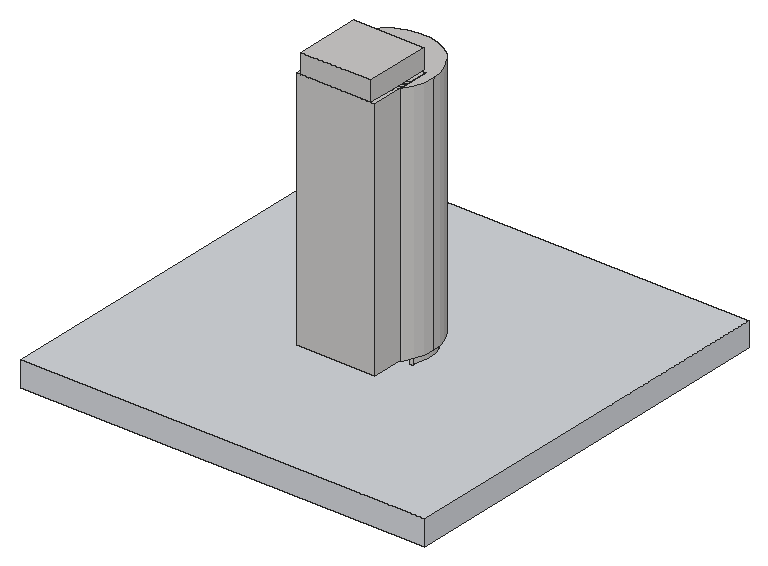
Revit family "DC_Rheem_PLM_HeavyDutyGas_630260", category Plumbing Fixtures, host Face, Revit 2020
Family settings
  Host = Face
  Round Connector Dimension = Use Radius
  Part Type = Normal
  Cut with Voids When Loaded = No
  Shared = No
  Room Calculation Point = No
Parameters (values of type "Heavy Duty Gas Storage - Outdoor - 260L - 51 MJ/h - Natural gas")
  URL = "http://www.rheem.com.au/CommercialProducts"
  Type Comments = "385L first hour delivery @ 50oC rise\r\n"
  TopDiameterD1_ANZRS = 189.215 mm
  T&PRValveRadius_ANZRS = 16 mm
  Thickness_ANZRS = 35.2 mm
  Model = "630260N0\r\n"
  Materials_ANZRS = Rheem - Joey Grey Steel
  Manufacturer = "Rheem\r\n"
  HotWaterOutletPipeRadius_ANZRS = HotWaterOutletPipeDiameter_ANZRS / 2  # 16 mm
  HotWaterOutletPipeDiameter_ANZRS = 32 mm
  GasInletPipeRadius_ANZRS = 10 mm
  DesignBy_ANZRS = "Design Content ©\r\n"
  Description = "Heavy Duty Gas Storage - Outdoor - 260L - 51 MJ/h - Natural gas"
  Default Elevation = 0 mm
  CylinderRadius_ANZRS = CylinderDiameterD2_ANZRS / 2  # 296.5 mm
  CylinderDiameterD2_ANZRS = 593 mm
  ColdWaterInletPipeRadius_ANZRS = ColdWaterInletPipeDiameter_ANZRS / 2  # 16 mm
  ColdWaterInletPipeDiameter_ANZRS = 32 mm
  Author_ANZRS = "DM"
  Assembly Code = ""
Types (3, lengths in mm): name | URL | Model | HotWaterOutletPipeRadius_ANZRS | HotWaterOutletPipeDiameter_ANZRS | Description | ColdWaterInletPipeRadius_ANZRS | ColdWaterInletPipeDiameter_ANZRS
  (no name) | "http://www.rheem.com.au/CommercialProducts" | "630260N0\r\n" | 16 | 32 | "Heavy Duty Gas Storage - Outdoor - 260L - 51 MJ/h - Natural gas" | 16 | 32
  Heavy Duty Gas Storage - Outdoor - 260L - 51 MJ/h - Natural gas | "http://www.rheem.com.au/CommercialProducts" | "630260N0\r\n" | 16 | 32 | "Heavy Duty Gas Storage - Outdoor - 260L - 51 MJ/h - Natural gas" | 16 | 32
  Heavy Duty Gas Storage - Outdoor - 260L - 47 MJ/h - Propane gas | "http://www.rheem.com.au/Products/commercialproducts/gas/rheemheavydutygasstoragewaterheater260litreindoor620260" | "630260P0\r\n" | 0 | 0 | "Heavy Duty Gas Storage - Outdoor - 260L - 47 MJ/h - Propane gas (Propane Gas not avaible in NSW)" | 0 | 0
Reference planes
  plane 1 "Center (Front/Back)": y = 0
  plane 2: z = 0
  plane 3 "Center (Left/Right)": x = 0
  plane 4: y = 296.5
  plane 5: y = -296.5
  plane 6: x = -296.5
  plane 7: x = 296.5
  plane 8: z = 1520
  plane 9: z = 1640
  plane 10: y = -328.5
  plane 11: y = -383.5
  plane 12: z = 175
  plane 13: x = -331.7
  plane 14: x = 331.7
  plane 15: y = 331.7
  plane 16: y = -331.7
  plane 17 "Base": z = 0
  plane 18: z = 50
  plane 19: z = 328
  plane 20: z = 1326
  plane 21: z = 525
  plane 22: x = -306.5
  plane 23: x = -286.5
  plane 24 "B": through (0, 0, 18000) normal (0.7071, 0.7071, 0)
  plane 25 "A": through (0, 0, 18000) normal (0.809, 0.5878, 0)
  plane 26: x = 210
  plane 27: x = -210
  plane 28: y = 32
  plane 29: through (0, 0, 18000) normal (0.454, -0.891, 0)
  plane 30 "Gas": through (-287.303, -146.388, 18000) normal (-0.891, -0.454, 0)
Forms (mm)
  Extrusion 1, solid
    sketch origin (0, 0, 0) x (1, 0, 0) y (0, 1, 0)
      loop
        line (-1219.2, 1219.2) -> (-1219.2, -1219.2) -> (1219.2, -1219.2) -> (1219.2, 1219.2) -> (-1219.2, 1219.2)
    from 0 to -150
  Extrusion 2, solid, material "Rheem - Joey Grey Steel" <- "Materials_ANZRS"
    sketch origin (0, 0, 0) x (1, 0, 0) y (0, 1, 0)
      loop
        circle (0, 0) r 296.5
    from 50 to 1520
  Extrusion 3, solid, material "Rheem - Joey Grey Steel" <- "Materials_ANZRS"
    sketch origin (0, 0, 0) x (-1, 0, 0) y (0, -1, 0)
      loop
        arc (-92.759, -252.881) -> (0.986, -269.355) -> (94.607, -252.195) r 269.356
        arc (94.607, -252.195) -> (99.995, -238.041) -> (85.683, -233.089) r 10.549
        arc (85.683, -233.089) -> (0, -248.339) -> (-85.683, -233.089) r 248.339
        arc (-85.683, -233.089) -> (-99.715, -239.233) -> (-92.759, -252.881) r 10.527
      loop
        arc (-252.372, 93.871) -> (-269.264, 0) -> (-252.372, -93.871) r 269.264
        arc (-252.372, -93.871) -> (-240.052, -101.259) -> (-233.089, -88.694) r 9.989
        arc (-233.089, -88.694) -> (-249.394, 0) -> (-233.089, 88.694) r 249.394
        arc (-233.089, 88.694) -> (-240.052, 101.259) -> (-252.372, 93.871) r 9.989
      loop
        arc (252.372, 93.871) -> (240.052, 101.259) -> (233.089, 88.694) r 9.989
        arc (233.089, 88.694) -> (249.394, 0) -> (233.089, -88.694) r 249.394
        arc (233.089, -88.694) -> (240.052, -101.259) -> (252.372, -93.871) r 9.989
        arc (252.372, -93.871) -> (269.264, 0) -> (252.372, 93.871) r 269.264
      loop
        arc (-92.759, 252.881) -> (-99.715, 239.233) -> (-85.683, 233.089) r 10.527
        arc (-85.683, 233.089) -> (0, 248.339) -> (85.683, 233.089) r 248.339
        arc (85.683, 233.089) -> (99.995, 238.041) -> (94.607, 252.195) r 10.549
        arc (94.607, 252.195) -> (0.986, 269.355) -> (-92.759, 252.881) r 269.356
    from 0 to 50
  Extrusion 4, solid, material "Rheem - Joey Grey Steel" <- "Materials_ANZRS"
    sketch origin (0, 0, 0) x (1, 0, 0) y (0, 1, 0)
      loop
        line (-235, 20.887) -> (-235, -364.113) -> (235, -364.113) -> (235, 20.887) -> (-235, 20.887)
    from 50 to 1520
  Extrusion 5, solid, material "Rheem - Joey Grey Steel" <- "Materials_ANZRS"
    sketch origin (0, 0, -610) x (1, 0, 0) y (0, 1, 0)
      loop
        line (-210, -364.113) -> (210, -364.113) -> (210, 32) -> (-210, 32) -> (-210, -364.113)
    from 2130 to 2250
  Extrusion 6, solid, material "Rheem - Joey Grey Steel" <- "Materials_ANZRS"
    sketch origin (0, 0, 0) x (0, 1, 0) y (0, 0, 1)
      loop
        circle (0, 1326) r 16
      loop
        circle (0, 328) r 16
    from -306.5 to -286.5
  Extrusion 7, solid, material "Rheem - Joey Grey Steel" <- "Materials_ANZRS"
    sketch origin (-235, -714.634, 13.4) x (0, 1, 0) y (0, 0, -1)
      loop
        circle (386.134, -161.6) r 10
    from 7.19 to -1.911
Cuts and joins
  joined: Extrusion 2, Extrusion 3, Extrusion 5, Extrusion 6, Extrusion 7
Lines and regions (mm)
  Masking region 1
    outline origin (0, 0, 0) x (1, 0, 0) y (0, 1, 0)
      loop
        line (-235, -180.796) -> (-235, -364.113) -> (-210, -364.113) -> (-210, -383.5) -> (210, -383.5) -> (210, -364.113) -> (235, -364.113) -> (235, -180.796)
        arc (235, -180.796) -> (0, 296.5) -> (-235, -180.796) r 296.5
  Masking region 2
    outline origin (0, 0, 0) x (1, 0, 0) y (0, 0, 1)
      loop
        line (-210, 1640) -> (-210, 1520) -> (-296.5, 1520) -> (-296.5, 1358) -> (-306.5, 1358) -> (-306.5, 1294) -> (-296.5, 1294) -> (-296.5, 360) -> (-306.5, 360) -> (-306.5, 296) -> (-296.5, 296) -> (-296.5, 50) -> (-269.264, 50) -> (-269.264, 0) -> (269.264, 0) -> (269.264, 50) -> (296.5, 50) -> (296.5, 1520) -> (210, 1520) -> (210, 1640) -> (-210, 1640)
  Masking region 3
    outline origin (0, 0, 0) x (0, 1, 0) y (0, 0, 1)
      loop
        line (32, 1640) -> (-383.5, 1640) -> (-383.5, 1520) -> (-349.113, 1520) -> (-349.113, 50) -> (-269.356, 50) -> (-269.356, 0) -> (269.356, 0) -> (269.356, 50) -> (296.5, 50) -> (296.5, 1520) -> (32, 1520) -> (32, 1640)
  symbolic lines, style "Rheem Heavy Duty Gas Storage", detail levels fine
    curve 1: line (0, 32, 1640) -> (0, -383.5, 1640)
    curve 2: line (0, 32, 1520) -> (0, 32, 1640)
    curve 3: line (0, -383.5, 1520) -> (0, 32, 1520)
    curve 4: line (0, -383.5, 1640) -> (0, -383.5, 1520)
    curve 5: line (0, 296.5, 1520) -> (0, -180.796, 1520)
    curve 6: line (0, 296.5, 50) -> (0, 296.5, 1520)
    curve 7: line (0, -180.796, 50) -> (0, 296.5, 50)
    curve 8: line (0, -180.796, 1520) -> (0, -180.796, 50)
    curve 9: line (0, -349.113, 50) -> (0, -180.796, 50)
    curve 10: line (0, -349.113, 1520) -> (0, -349.113, 50)
    curve 11: line (0, -180.796, 1520) -> (0, -349.113, 1520)
    curve 12: line (0, 269.356, 0) -> (0, 269.356, 50)
    curve 13: line (0, 231.957, 0) -> (0, 269.356, 0)
    curve 14: line (0, 231.957, 50) -> (0, 231.957, 0)
    curve 15: line (0, -269.356, 0) -> (0, -269.356, 50)
    curve 16: line (0, -231.957, 0) -> (0, -269.356, 0)
    curve 17: line (0, -231.957, 50) -> (0, -231.957, 0)
    curve 18: line (0, 101.601, 0) -> (0, -101.601, 0)
    curve 19: line (0, 101.601, 50) -> (0, 101.601, 0)
    curve 20: line (0, -101.601, 0) -> (0, -101.601, 50)
    curve 21: arc (0, 32, 1326) -> (0, 0, 1358) -> (0, -32, 1326) r 32
    curve 22: arc (0, -32, 1326) -> (0, 0, 1294) -> (0, 32, 1326) r 32
    curve 23: arc (0, 32, 328) -> (0, 0, 360) -> (0, -32, 328) r 32
    curve 24: arc (0, -32, 328) -> (0, 0, 296) -> (0, 32, 328) r 32
    curve 25: line (-296.5, 0, 1520) -> (296.5, 0, 1520)
    curve 26: line (-296.5, 0, 50) -> (-296.5, 0, 1520)
    curve 27: line (296.5, 0, 50) -> (-296.5, 0, 50)
    curve 28: line (296.5, 0, 1520) -> (296.5, 0, 50)
    curve 29: line (-210, 0, 1640) -> (210, 0, 1640)
    curve 30: line (-210, 0, 1520) -> (-210, 0, 1640)
    curve 31: line (210, 0, 1520) -> (-210, 0, 1520)
    curve 32: line (210, 0, 1640) -> (210, 0, 1520)
    curve 33: line (-100.986, 0, 50) -> (100.33, 0, 50)
    curve 34: line (-100.986, 0, 0) -> (-100.986, 0, 50)
    curve 35: line (100.33, 0, 50) -> (100.33, 0, 0)
    curve 36: line (-269.264, 0, 50) -> (-232.662, 0, 50)
    curve 37: line (-269.264, 0, 0) -> (-269.264, 0, 50)
    curve 38: line (-232.662, 0, 50) -> (-232.662, 0, 0)
    curve 39: line (269.264, 0, 50) -> (232.662, 0, 50)
    curve 40: line (269.264, 0, 0) -> (269.264, 0, 50)
    curve 41: line (232.662, 0, 50) -> (232.662, 0, 0)
    curve 42: line (-210, 32, 0) -> (210, 32, 0)
    curve 43: line (-210, -383.5, 0) -> (-210, 32, 0)
    curve 44: line (210, -383.5, 0) -> (-210, -383.5, 0)
    curve 45: line (210, 32, 0) -> (210, -383.5, 0)
    curve 46: line (-210, 20.887, 0) -> (-235, 20.887, 0)
    curve 47: line (-235, 20.887, 0) -> (-235, -364.113, 0)
    curve 48: line (-235, -364.113, 0) -> (-210, -364.113, 0)
    curve 49: line (210, -364.113, 0) -> (235, -364.113, 0)
    curve 50: line (235, -364.113, 0) -> (235, 20.887, 0)
    curve 51: line (235, 20.887, 0) -> (210, 20.887, 0)
    curve 52: arc (235, -181.59, 0) -> (0, 296.985, 0) -> (-235, -181.59, 0) r 296.985
    curve 53: line (-296.5, 0, 360) -> (-306.5, 0, 360)
    curve 54: line (-306.5, 0, 360) -> (-306.5, 0, 296)
    curve 55: line (-306.5, 0, 296) -> (-296.5, 0, 296)
    curve 56: line (-235, -364.113, 1520) -> (-235, -364.113, 50)
    curve 57: line (235, -364.113, 50) -> (235, -364.113, 1520)
    curve 58: line (171.5, -364.113, 50) -> (-171.5, -364.113, 50)
  model lines, style "Rheem Heavy Duty Gas Storage"
    curve 59: arc (0, -338.5, 175) -> (0, -328.5, 185) -> (0, -318.5, 175) r 10
    curve 60: arc (0, -318.5, 175) -> (0, -328.5, 165) -> (0, -338.5, 175) r 10
    curve 61: arc (0, -318.5, 175) -> (0, -328.5, 165) -> (0, -338.5, 175) r 10
    curve 62: arc (0, -338.5, 175) -> (0, -328.5, 185) -> (0, -318.5, 175) r 10
    curve 87: line (-121.5, -364.113, 700) -> (121.5, -364.113, 700)
    curve 88: line (-121.5, -364.113, 275) -> (-121.5, -364.113, 700)
    curve 89: line (171.5, -364.113, 275) -> (-171.5, -364.113, 275)
    curve 90: line (121.5, -364.113, 700) -> (121.5, -364.113, 275)
    curve 91: line (171.5, -364.113, 275) -> (171.5, -364.113, 50)
    curve 92: line (-171.5, -364.113, 275) -> (-171.5, -364.113, 50)
    curve 93: line (-121.5, -364.113, 1450) -> (121.5, -364.113, 1450)
    curve 94: line (-121.5, -364.113, 1207) -> (-121.5, -364.113, 1450)
    curve 95: line (121.5, -364.113, 1450) -> (121.5, -364.113, 1207)
    curve 96: line (-121.5, -364.113, 1207) -> (121.5, -364.113, 1207)
  symbolic lines, style "Rheem Heavy Duty Gas Storage"
    curve 63: arc (-301.839, 0, 1315.992) -> (-306.533, 0, 1325.992) -> (-301.839, 0, 1335.992) r 12.999
    curve 64: line (-301.839, 0, 1315.992) -> (-301.839, 0, 1296.926)
    curve 65: line (-301.839, 0, 1296.926) -> (-281.632, 0, 1296.926)
    curve 66: line (-281.632, 0, 1296.926) -> (-281.632, 0, 1315.992)
    curve 67: arc (-258.503, 0, 1352.384) -> (-249.438, 0, 1326.083) -> (-258.551, 0, 1299.799) r 42.573
    curve 68: line (-265.821, 0, 1352.384) -> (-258.503, 0, 1352.384)
    curve 69: line (-265.772, 0, 1299.799) -> (-258.551, 0, 1299.799)
    curve 70: line (-269.059, 0, 1335.992) -> (-301.839, 0, 1335.992)
    curve 71: line (-301.839, 0, 1315.992) -> (-269.059, 0, 1315.992)
    curve 72: arc (-265.821, 0, 1352.384) -> (-270.659, 0, 1344.615) -> (-273.725, 0, 1335.992) r 42.573
    curve 73: spline (-272.106, 0, 1341.253) -> (-269.256, 0, 1343.849) -> (-266.153, 0, 1344.187) -> (-263.19, 0, 1342.225) -> (-260.742, 0, 1338.21) -> (-259.118, 0, 1332.651) -> (-258.523, 0, 1326.251) -> (-259.034, 0, 1319.819) -> (-260.585, 0, 1314.168) -> (-262.98, 0, 1310.015) -> (-265.916, 0, 1307.883) -> (-269.022, 0, 1308.043) -> (-271.905, 0, 1310.474)
    curve 74: arc (-273.662, 0, 1315.992) -> (-270.583, 0, 1307.474) -> (-265.772, 0, 1299.799) r 42.573
    curve 75: arc (-269.059, 0, 1335.992) -> (-266.293, 0, 1325.992) -> (-269.059, 0, 1315.992) r 19.459
    curve 76: line (0, -134.05, 1335.952) -> (0, -157.475, 1335.952)
    curve 77: arc (0, -134.05, 1335.952) -> (0, -127.19, 1326.082) -> (0, -133.808, 1316.048) r 10.718
    curve 78: arc (0, -157.475, 1335.952) -> (0, -162.971, 1326.041) -> (0, -157.624, 1316.048) r 11.844
    curve 79: arc (0, -139.431, 1308.161) -> (0, -119.951, 1333.251) -> (0, -151.601, 1335.952) r 18.077
    curve 80: arc (0, -139.431, 1301.087) -> (0, -106.066, 1336.762) -> (0, -154.906, 1335.952) r 26.529
    curve 81: line (0, -133.808, 1316.048) -> (0, -157.624, 1316.048)
    curve 82: arc (0, -139.431, 1306.426) -> (0, -108.949, 1329.135) -> (0, -144.67, 1342.13) r 21.593
    curve 83: line (0, -139.431, 1316.048) -> (0, -139.431, 1296.926)
    curve 84: line (0, -139.431, 1296.926) -> (0, -154.431, 1296.926)
    curve 85: line (0, -154.431, 1316.048) -> (0, -154.431, 1296.926)
    curve 86: arc (0, -152.528, 1335.952) -> (0, -147.031, 1326.041) -> (0, -152.378, 1316.048) r 11.844
Dimensions and locks
  equal spacing: plane 4, plane 1 "Center (Front/Back)", plane 5
  "CylinderDiameterD2_ANZRS": plane 4 to plane 5
  equal spacing: plane 6, plane 3 "Center (Left/Right)", plane 7
  "CylinderDiameterD2_ANZRS": plane 6 to plane 7
  plane 8 to plane 17 "Base" = 1520 mm
  plane 9 to plane 17 "Base" = 1640 mm
  plane 4 to plane 10 = 625 mm
  plane 4 to plane 11 = 680 mm
  "Thickness_ANZRS": plane 13 to plane 6
  "Thickness_ANZRS": plane 7 to plane 14
  "Thickness_ANZRS": plane 15 to plane 4
  "Thickness_ANZRS": plane 16 to plane 5
  locked: plane 18 to plane 17 "Base" at 50
  plane 12 to plane 17 "Base" = 175 mm
  plane 20 to plane 19 = 998 mm
  plane 22 to plane 6 to plane 23 = 10 mm locked, 10 mm locked
  equal spacing: plane 27, plane 3 "Center (Left/Right)", plane 26
  plane 27 to plane 26 = 420 mm
  equal spacing: Extrusion 4 sketch curve, plane 3 "Center (Left/Right)", Extrusion 4 sketch curve
  Extrusion 4 sketch curve to Extrusion 4 sketch curve = 470 mm
  plane 19 to plane 17 "Base" = 328 mm
  "CylinderRadius_ANZRS": radius of Extrusion 2 sketch curve
  "HotWaterOutletPipeRadius_ANZRS": radius of Extrusion 6 sketch curve
  "ColdWaterInletPipeRadius_ANZRS": radius of Extrusion 6 sketch curve
  "GasInletPipeRadius_ANZRS": radius of Extrusion 7 sketch curve
  aligned and locked: plane 2 to Extrusion 1
  aligned and locked: level to Extrusion 1
  aligned and locked: plane 3 "Center (Left/Right)" to Extrusion 2 sketch curve
  aligned and locked: plane 1 "Center (Front/Back)" to Extrusion 2 sketch curve
  aligned and locked: plane 8 to Extrusion 2
  aligned and locked: Extrusion 2 to plane 18
  aligned: Extrusion 3 to Extrusion 2
  aligned and locked: Extrusion 2 to Extrusion 4  (x2)
  aligned: Extrusion 5 to plane 21
  aligned and locked: plane 1 "Center (Front/Back)" to Extrusion 6 sketch curve  (x2)
  aligned and locked: plane 20 to Extrusion 6 sketch curve
  aligned and locked: plane 19 to Extrusion 6 sketch curve
  aligned and locked: Extrusion 6 to plane 22
  aligned and locked: Extrusion 6 to plane 23
  aligned: cut or joined group of Extrusion 2, Extrusion 3, Extrusion 5, Extrusion 6, Extrusion 7 to plane 26
  aligned: cut or joined group of Extrusion 2, Extrusion 3, Extrusion 5, Extrusion 6, Extrusion 7 to plane 27
  aligned and locked: plane 28 to Extrusion 5 sketch curve
  aligned and locked: Extrusion 5 sketch curve to plane 26
  aligned and locked: plane 9 to Extrusion 5
  aligned and locked: Extrusion 5 to Extrusion 2
  aligned and locked: curve 29 to cut or joined group of Extrusion 2, Extrusion 3, Extrusion 5, Extrusion 6, Extrusion 7
  aligned and locked: curve 30 to cut or joined group of Extrusion 2, Extrusion 3, Extrusion 5, Extrusion 6, Extrusion 7
  aligned and locked: curve 31 to curve 25
  aligned and locked: curve 32 to cut or joined group of Extrusion 2, Extrusion 3, Extrusion 5, Extrusion 6, Extrusion 7
  aligned and locked: plane 12 to Extrusion 7 sketch curve
  aligned and locked: curve 59 to cut or joined group of Extrusion 2, Extrusion 3, Extrusion 5, Extrusion 6, Extrusion 7
  aligned and locked: plane 10 to Extrusion 7 sketch curve
Automatic sketch dimensions
  Extrusion 1 sketch curve to Extrusion 1 sketch curve = 2438.4 mm  (x2)
  Extrusion 5 sketch curve to plane 27 = 0 mm
  plane 11 to Extrusion 5 sketch curve = 19.387 mm
  plane 11 to Extrusion 4 sketch curve = 19.387 mm
  Extrusion 4 sketch curve to plane 28 = 11.113 mm
  curve 43 to plane 11 = 0 mm
  curve 43 to plane 27 = 0 mm
  plane 1 "Center (Front/Back)" to curve 52 = 0 mm
  curve 52 to plane 3 "Center (Left/Right)" = 0 mm
  curve 45 to plane 26 = 0 mm
  curve 43 to plane 28 = 0 mm
  curve 48 to curve 48 = 25 mm
  curve 49 to curve 49 = 25 mm
  curve 43 to curve 48 = 19.387 mm
  curve 44 to curve 49 = 19.387 mm
  curve 52 to plane 5 = 114.91 mm
  curve 50 to plane 28 = 11.113 mm
  curve 46 to curve 42 = 11.113 mm
  curve 72 to curve 74 = 0 mm  (x2)
  curve 54 to plane 22 = 0 mm
  curve 26 to plane 6 = 0 mm
  curve 73 to plane 20 = 0 mm
  curve 37 to plane 17 "Base" = 0 mm
  curve 36 to plane 18 = 0 mm
  curve 38 to plane 17 "Base" = 0 mm
  curve 33 to plane 18 = 0 mm
  curve 34 to plane 17 "Base" = 0 mm
  curve 35 to plane 17 "Base" = 0 mm
  curve 41 to plane 18 = 0 mm
  curve 41 to plane 17 "Base" = 0 mm
  curve 40 to plane 17 "Base" = 0 mm
  plane 7 to curve 27 = 0 mm
  curve 28 to plane 18 = 0 mm
  curve 25 to plane 8 = 0 mm
  plane 22 to curve 70 = 4.661 mm
  plane 22 to curve 71 = 4.661 mm
  curve 63 to plane 20 = 0.008 mm
  plane 6 to curve 63 = 2.967 mm
  plane 20 to curve 67 = 0.122 mm
  curve 63 to curve 67 = 1.522 mm
  curve 75 to plane 20 = 0.008 mm
  curve 75 to plane 23 = 0.747 mm
  curve 66 to plane 23 = 4.868 mm
  curve 75 to curve 73 = 9.758 mm
  curve 73 to curve 72 = 2.269 mm
  curve 66 to curve 74 = 7.97 mm
  curve 72 to curve 73 = 1.62 mm
  curve 74 to curve 73 = 1.757 mm
  curve 37 to plane 23 = 17.236 mm
  curve 72 to curve 70 = 4.666 mm
  curve 73 to curve 73 = 8.736 mm
  curve 73 to curve 68 = 6.285 mm
  curve 73 to curve 74 = 6.133 mm
  curve 74 to curve 69 = 7.221 mm
  curve 68 to curve 67 = 7.318 mm
  curve 38 to plane 27 = 22.662 mm
  plane 20 to curve 74 = 0.122 mm
  curve 33 to plane 3 "Center (Left/Right)" = 100.986 mm
  plane 3 "Center (Left/Right)" to curve 33 = 100.33 mm
  curve 41 to plane 26 = 22.662 mm
  plane 7 to curve 40 = 27.236 mm
  curve 55 to plane 19 = 32 mm
  plane 19 to curve 53 = 32 mm
  curve 65 to curve 69 = 2.873 mm
  curve 57 to Extrusion 4 = 0 mm  (x3)
  curve 56 to Extrusion 4 = 0 mm  (x3)
  curve 57 to curve 58 = 63.5 mm
  Masking region 2 sketch curve to plane 22 = 0 mm  (x2)
  Masking region 2 sketch curve to plane 6 = 0 mm  (x3)
  Masking region 2 sketch curve to plane 18 = 0 mm  (x2)
  Masking region 2 sketch curve to plane 17 "Base" = 0 mm
  Masking region 2 sketch curve to plane 8 = 0 mm  (x2)
  Masking region 2 sketch curve to plane 27 = 0 mm
  Masking region 2 sketch curve to plane 9 = 0 mm
  plane 26 to Masking region 2 sketch curve = 0 mm
  plane 7 to Masking region 2 sketch curve = 0 mm
  Masking region 2 sketch curve to plane 23 = 17.236 mm
  plane 7 to Masking region 2 sketch curve = 27.236 mm
  Masking region 2 sketch curve to plane 19 = 32 mm
  plane 19 to Masking region 2 sketch curve = 32 mm
  Masking region 2 sketch curve to plane 20 = 32 mm
  plane 20 to Masking region 2 sketch curve = 32 mm
  Masking region 3 sketch curve to plane 8 = 0 mm  (x2)
  Masking region 3 sketch curve to plane 11 = 0 mm
  Masking region 3 sketch curve to plane 18 = 0 mm  (x2)
  Masking region 3 sketch curve to plane 17 "Base" = 0 mm
  Masking region 3 sketch curve to plane 28 = 0 mm
  Masking region 3 sketch curve to plane 4 = 0 mm
  Masking region 3 sketch curve to plane 9 = 0 mm
  plane 16 to Masking region 3 sketch curve = 17.413 mm
  Masking region 3 sketch curve to plane 5 = 27.144 mm
  Masking region 3 sketch curve to plane 4 = 27.144 mm
  curve 21 to curve 22 = 0 mm  (x2)
  curve 23 to curve 24 = 0 mm  (x2)
  curve 59 to curve 61 = 0 mm  (x2)
  curve 80 to curve 82 = 0 mm  (x2)
  curve 1 to plane 9 = 0 mm
  curve 1 to plane 11 = 0 mm
  curve 10 to plane 18 = 0 mm
  curve 10 to plane 8 = 0 mm
  curve 16 to plane 17 "Base" = 0 mm
  curve 79 to plane 20 = 0 mm
  curve 82 to plane 20 = 0 mm
  curve 18 to plane 17 "Base" = 0 mm
  curve 21 to plane 20 = 0 mm
  curve 24 to plane 19 = 0 mm
  curve 23 to plane 1 "Center (Front/Back)" = 0 mm
  curve 22 to plane 1 "Center (Front/Back)" = 0 mm
  curve 24 to plane 28 = 0 mm
  curve 22 to plane 28 = 0 mm
  curve 2 to plane 8 = 0 mm
  curve 2 to plane 28 = 0 mm
  curve 14 to plane 17 "Base" = 0 mm
  curve 5 to plane 4 = 0 mm
  plane 16 to curve 10 = 17.413 mm
  curve 61 to curve 59 = 0 mm
  curve 16 to plane 5 = 27.144 mm
  curve 15 to curve 17 = 37.4 mm
  curve 5 to plane 5 = 115.704 mm
  curve 86 to plane 20 = 0.048 mm
  curve 86 to curve 21 = 126.874 mm
  curve 86 to curve 78 = 1.25 mm
  curve 86 to curve 76 = 1.4 mm
  curve 78 to curve 80 = 2.569 mm
  curve 78 to curve 85 = 3.193 mm
  curve 80 to curve 86 = 2.378 mm
  curve 85 to curve 86 = 2.053 mm
  curve 86 to curve 79 = 0.927 mm
  curve 78 to plane 20 = 0.048 mm
  curve 79 to curve 82 = 6.931 mm
  curve 86 to curve 82 = 12.947 mm
  curve 77 to plane 20 = 0.048 mm
  curve 83 to curve 77 = 1.524 mm
  curve 77 to curve 79 = 1.397 mm
  curve 79 to curve 77 = 2.46 mm
  curve 79 to curve 82 = 6.196 mm
  curve 7 to curve 20 = 79.195 mm
  plane 28 to curve 19 = 69.601 mm
  curve 14 to plane 4 = 64.543 mm
  curve 12 to curve 6 = 27.144 mm
  curve 85 to plane 20 = 29.074 mm
  curve 83 to curve 80 = 4.161 mm
  Extrusion 4 to curve 58 = 63.5 mm
  curve 91 to Extrusion 4 = 0 mm
  curve 95 to Extrusion 4 = 113.5 mm
  curve 89 to curve 90 = 50 mm
  Extrusion 4 to curve 94 = 113.5 mm
  curve 88 to curve 92 = 50 mm
  Extrusion 4 to curve 94 = 70 mm
  curve 93 to curve 96 = 243 mm
  curve 94 to curve 87 = 507 mm
  curve 92 to curve 92 = 225 mm
  Masking region 1 sketch curve to plane 11 = 0 mm
  Masking region 1 sketch curve to plane 27 = 0 mm
  plane 1 "Center (Front/Back)" to Masking region 1 sketch curve = 0 mm
  Masking region 1 sketch curve to plane 3 "Center (Left/Right)" = 0 mm
  Masking region 1 sketch curve to plane 26 = 0 mm
  Masking region 1 sketch curve to plane 26 = 25 mm
  Masking region 1 sketch curve to Masking region 1 sketch curve = 19.387 mm  (x2)
  Masking region 1 sketch curve to Masking region 1 sketch curve = 25 mm
  Masking region 1 sketch curve to plane 5 = 115.704 mm
  Extrusion 3 sketch curve to Extrusion 3 sketch curve = 0 mm  (x56)
  plane 1 "Center (Front/Back)" to Extrusion 3 sketch curve = 0 mm
  Extrusion 3 sketch curve to plane 3 "Center (Left/Right)" = 0 mm
  plane 3 "Center (Left/Right)" to Extrusion 3 sketch curve = 85.683 mm  (x2)
  Extrusion 3 sketch curve to Extrusion 3 sketch curve = 4.119 mm  (x2)
  Extrusion 3 sketch curve to Extrusion 3 sketch curve = 2.956 mm  (x2)
  Extrusion 3 sketch curve to plane 26 = 23.089 mm  (x2)
  Extrusion 3 sketch curve to Extrusion 3 sketch curve = 9.553 mm  (x4)
  Extrusion 3 sketch curve to Extrusion 3 sketch curve = 9.73 mm  (x4)
  Extrusion 3 sketch curve to plane 3 "Center (Left/Right)" = 85.683 mm  (x2)
  Extrusion 3 sketch curve to Extrusion 3 sketch curve = 4.755 mm  (x2)
  Extrusion 3 sketch curve to Extrusion 3 sketch curve = 4.17 mm  (x2)
  Extrusion 3 sketch curve to plane 27 = 23.089 mm  (x2)
  plane 28 to Extrusion 3 sketch curve = 56.694 mm  (x2)
  Extrusion 3 sketch curve to Extrusion 3 sketch curve = 2.918 mm  (x2)
  Extrusion 3 sketch curve to plane 4 = 63.411 mm
  Extrusion 3 sketch curve to Extrusion 3 sketch curve = 9.416 mm  (x2)
  Extrusion 3 sketch curve to plane 5 = 63.411 mm
Nested families
  nested 1: "Rheem Valve" at (-284.823, -145.125, 1326) x (0.454, -0.891, 0) z (0, 0, 1), type "Rheem Valve", detail levels fine
Connectors
  piping at (-306.5, 0, 1326), diameter 32, driven by "HotWaterOutletPipeRadius_ANZRS"
    settings: on cut or joined group of Extrusion 2, Extrusion 3, Extrusion 5, Extrusion 6, Extrusion 7, index 1, connector inside diameter 1.25984", connector length 0 mm, flow factor 0, pipe flow 0 GPM, pressure drop 0.00 psi, fitting loss kfactor 0, connector angle 0.00°, fixture units 0, engagement length 0 mm, angle of deflection 0.00°, flow configuration 1, flow direction 2, fitting loss method 0, system type 19, joint type 0, gender type 0, connector reference index -1, connector utility 0, adjustable connector no, is connector primary yes, connector description ""
  piping at (-306.5, 0, 328), diameter 32, driven by "ColdWaterInletPipeRadius_ANZRS"
    settings: on cut or joined group of Extrusion 2, Extrusion 3, Extrusion 5, Extrusion 6, Extrusion 7, index 2, connector inside diameter 1.25984", connector length 0 mm, flow factor 0, pipe flow 0 GPM, pressure drop 0.00 psi, fitting loss kfactor 0, connector angle 0.00°, fixture units 0, engagement length 0 mm, angle of deflection 0.00°, flow configuration 1, flow direction 1, fitting loss method 0, system type 20, joint type 0, gender type 0, connector reference index -1, connector utility 0, adjustable connector no, is connector primary no, connector description ""
  piping at (-242.19, -328.5, 175), diameter 20, driven by "GasInletPipeRadius_ANZRS"
    settings: on cut or joined group of Extrusion 2, Extrusion 3, Extrusion 5, Extrusion 6, Extrusion 7, index 4, connector inside diameter 0.7874", connector length 0 mm, flow factor 0, pipe flow 0 GPM, pressure drop 0.00 psi, fitting loss kfactor 0, connector angle 0.00°, fixture units 0, engagement length 0 mm, angle of deflection 0.00°, flow configuration 1, flow direction 1, fitting loss method 0, system type 22, joint type 0, gender type 0, connector reference index -1, connector utility 0, adjustable connector no, is connector primary no, connector description "Gas"
  piping at (-291.632, -148.594, 1296.926), diameter 20
    settings: on nested 1, index 5, connector inside diameter 0.7874", connector length 0 mm, flow factor 0, pipe flow 0 GPM, pressure drop 0.00 psi, fitting loss kfactor 0, connector angle 0.00°, fixture units 0, engagement length 0 mm, angle of deflection 0.00°, flow configuration 1, flow direction 2, fitting loss method 0, system type 16, joint type 0, gender type 0, connector reference index -1, connector utility 0, adjustable connector no, is connector primary no, connector description ""
Definition of nested family "Rheem Valve"
  Parameters
    Gas Material = none
    Default Elevation = 0 mm
    Assembly Code = ""
  Reference planes
    plane 1 "Center (Front/Back)": y = 0
    plane 2: z = 0
    plane 3 "Center (Left/Right)": x = 0
  Forms (mm)
    Extrusion 1, solid, material <- "Gas Material"
      sketch origin (0, 0, 0) x (1, 0, 0) y (0, 1, 0)
        loop
          circle (0, -7.641) r 10
      from 0 to -29.074
    Revolve 2, solid, material <- "Gas Material"
      sketch origin (0, 0, 0) x (1, 0, 0) y (0, 1, 0)
        loop
          line (-27.668, 40) -> (-27.668, 25.616) -> (-18.681, 20) -> (-9.939, 20) -> (-9.939, -20) -> (0, -20) -> (0, 40) -> (-27.668, 40)
        axis (0, 40) -> (0, -20)
      angle from 0 to 360
  Dimensions and locks
    aligned and locked: level to plane 2
